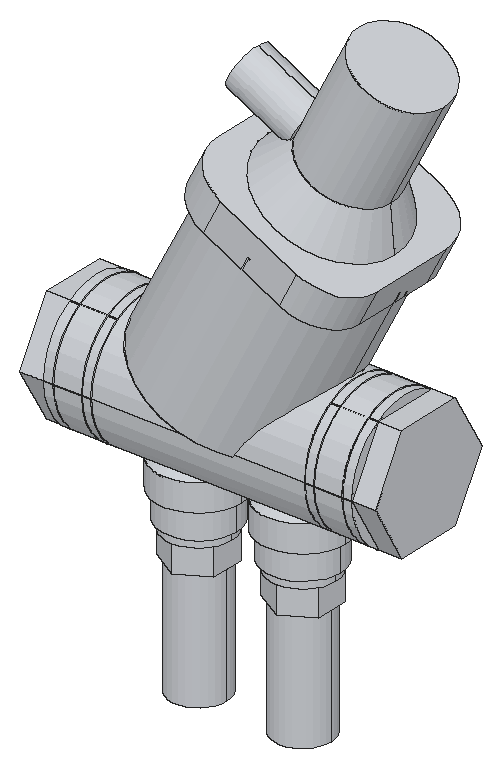
Revit family "PV_Compact_DN015_  5-30_FF_měř_RFA_2018", category Pipe Accessories, Revit 2018
Family settings
  Round Connector Dimension = Use Diameter
  Part Type = Valve - Breaks Into
  Work Plane-Based = No
  Always vertical = Yes
  Cut with Voids When Loaded = No
  Shared = No
Parameters (values of type "PV Compact DN15 FF s měřením (  5-30kPa)")
  magiProductId = "f361d342a5c3496a8b127ae77303d4"
  magiProductFamilyId = "17221e4467384e4990f0bd3f9c07cb"
  magiPartTypeId = 304
  isMeasuringValve [instance] = no
  ang2D [instance] = 0.00°
  Z7 = 15 mm
  Z6 = 24.6 mm
  Z5 = 57.4 mm
  Z4 = 49.2 mm
  Z3 = 8.2 mm
  Z2 = 41 mm
  XR3 = 30 mm
  XR2 = 25 mm
  XR1 = 13 mm
  W2D = 15 mm
  VersionID = "2.0/2018.12.13.2/FRESE_PV_COMPACT_PLUG_Q13_001"
  Use Minimum Symbol Size [instance] = no
  URL = "www.hydronic.cz"
  Type Comments = "závitový s vnitřním závitem; dvěma měřicími vsuvkami; PN25; dpmax=450kPa; -10~+120°C;"
  R5 = 5 mm
  R4 = 15 mm
  R3 = 10 mm
  R2 = 14 mm
  R1 = 19 mm
  QmdConnectorList = "301;D;302;D"
  Productdata [instance] = ""
  PH__ve = -PH  # -22.4 mm
  PH = 22.4 mm
  NL__ve = -NL  # -15 mm
  NL = 15 mm
  Manufacturer = "Hydronic Systems Prague s.r.o."
  MC Use Limits From Balancing Method = no
  MC Throttling Minimum Value = 0
  MC Throttling Maximum Value = 0
  MC Product Code = "53-3204 DN15; FF; nastavitelný rozsah dp=5~30kPa; Q=50~600l/h;  kvs=2,9"
  MC Pressure Drop Minimum Value = 0.0 Pa
  MC Pressure Drop Maximum Value = 0.0 Pa
  MC Piping Given Pressure Drop [instance] = 0.0 Pa
  M5 = 32.5 mm
  M4 = 30.5 mm
  M3 = 24.5 mm
  M2 = 22.5 mm
  LP = 37.5 mm
  LM = 45 mm
  LL__ve = -LL  # -5.7 mm
  LLT__ve = -LLT  # -14.9 mm
  LLT = 14.9 mm
  LL2 = 32 mm
  LL = 5.7 mm
  L3 = 11 mm
  L2D_Min = 30.48 mm
  L2D = 65 mm
  Description = "Nastavitelný regulátor tlakové diference"
  DR1 = no
  DR0 = yes
  DL2 = 66 mm
  D = 15 mm
  CenSd_R2_6 = R2 * cos(30.00°)  # 12.124 mm
  CAT0 = yes
  C0D1 = no
  C0D0 = yes
Types (10, lengths in mm): name | magiProductId | Z6 | Z5 | Z4 | Z3 | Z2 | XR3 | XR2 | XR1 | R2 | R1 | PH__ve | PH | NL__ve | NL | MC Product Code | M5 | M4 | M3 | M2 | LP | LM | LL__ve | LLT__ve | LLT | LL2 | LL | L3 | D | CenSd_R2_6
  PV Compact DN15 FF s měřením ( 20-60kPa) | "92c6061b2d364c498536f200ceae3f" | 24.6 | 57.4 | 49.2 | 8.2 | 41 | 30 | 25 | 13 | 14 | 19 | -22.4 | 22.4 | -15 | 15 | "53-3205 DN15; FF; nastavitelný rozsah dp=20~60kPa; Q=100~1000l/h;  kvs=2,9" | 32.5 | 30.5 | 24.5 | 22.5 | 37.5 | 45 | -5.7 | -14.9 | 14.9 | 32 | 5.7 | 11 | 15 | 12.124
  PV Compact DN15 FF s měřením (  5-30kPa) | "f361d342a5c3496a8b127ae77303d4" | 24.6 | 57.4 | 49.2 | 8.2 | 41 | 30 | 25 | 13 | 14 | 19 | -22.4 | 22.4 | -15 | 15 | "53-3204 DN15; FF; nastavitelný rozsah dp=5~30kPa; Q=50~600l/h;  kvs=2,9" | 32.5 | 30.5 | 24.5 | 22.5 | 37.5 | 45 | -5.7 | -14.9 | 14.9 | 32 | 5.7 | 11 | 15 | 12.124
  PV Compact DN20 FF s měřením ( 20-60kPa) | "9f7cac6a20a942348ba3edadb25c10" | 24.6 | 57.4 | 49.2 | 8.2 | 41 | 30 | 25 | 13 | 14 | 19 | -22.4 | 22.4 | -15.8 | 15.8 | "53-3207 DN20; FF; nastavitelný rozsah dp=20~60kPa; Q=150~2000l/h;  kvs=3,5" | 33.7 | 31.7 | 25.7 | 23.7 | 39.5 | 47.4 | -5.7 | -14.9 | 14.9 | 32 | 5.7 | 11 | 20 | 12.124
  PV Compact DN20 FF s měřením (  5-30kPa) | "db23a1b537c14a0d8d3ef5b88ba9f3" | 24.6 | 57.4 | 49.2 | 8.2 | 41 | 30 | 25 | 13 | 14 | 19 | -22.4 | 22.4 | -15.8 | 15.8 | "53-3206 DN20; FF; nastavitelný rozsah dp=5~30kPa; Q=100~1000l/h;  kvs=3,5" | 33.7 | 31.7 | 25.7 | 23.7 | 39.5 | 47.4 | -5.7 | -14.9 | 14.9 | 32 | 5.7 | 11 | 20 | 12.124
  PV Compact DN25 FF s měřením (  5-30kPa) | "df9f1d59aa4a4bbbaec25e168ba07d" | 25.5 | 59.5 | 51 | 8.5 | 42.5 | 30 | 25 | 13 | 14 | 19 | -20.8 | 20.8 | -16.6 | 16.6 | "53-3208 DN25; FF; nastavitelný rozsah dp=5~30kPa; Q=600~2100l/h;  kvs=4,0" | 34.9 | 32.9 | 26.9 | 24.9 | 41.5 | 49.8 | -5.9 | -16.3 | 16.3 | 34 | 5.9 | 11 | 25 | 12.124
  PV Compact DN25L FF s měřením ( 20-80kPa) | "87b7cca8bace4074a54840dfb5d8dc" | 40.2 | 93.8 | 80.4 | 13.4 | 67 | 42.5 | 37.5 | 25.5 | 26.5 | 31.5 | -17.6 | 17.6 | -20 | 20 | "53-3211 DN25L; FF; nastavitelný rozsah dp=20~80kPa; Q=750~4200l/h;  kvs=8,7" | 40 | 38 | 32 | 30 | 50 | 60 | -6.3 | -19.1 | 19.1 | 38 | 6.3 | 11 | 25 | 22.95
  PV Compact DN25L FF s měřením (  5-30kPa) | "5f34f6c18cbb44599cc4b76a533b7b" | 40.2 | 93.8 | 80.4 | 13.4 | 67 | 42.5 | 37.5 | 25.5 | 26.5 | 31.5 | -17.6 | 17.6 | -20 | 20 | "53-3210 DN25L; FF; nastavitelný rozsah dp=5~30kPa; Q=600~2500l/h;  kvs=8,7" | 40 | 38 | 32 | 30 | 50 | 60 | -6.3 | -19.1 | 19.1 | 38 | 6.3 | 11 | 25 | 22.95
  PV Compact DN32 FF s měřením ( 20-80kPa) | "4a8a1c2c3ced401aa76adec660b182" | 40.2 | 93.8 | 80.4 | 13.4 | 67 | 42.5 | 37.5 | 25.5 | 26.5 | 31.5 | -13.6 | 13.6 | -20.8 | 20.8 | "53-3214 DN32; FF; nastavitelný rozsah dp=20~80kPa; Q=1000~5000l/h;  kvs=10,1" | 41.2 | 39.2 | 33.2 | 31.2 | 52 | 62.4 | -6.8 | -22.6 | 22.6 | 43 | 6.8 | 25 | 32 | 22.95
  PV Compact DN40 FF s měřením ( 20-80kPa) | "8dd334465d8f48dd802c3dab6bec5b" | 46.8 | 109.2 | 93.6 | 15.6 | 78 | 42.5 | 37.5 | 25.5 | 26.5 | 31.5 | -11.2 | 11.2 | -27.6 | 27.6 | "53-3216 DN40; FF; nastavitelný rozsah dp=20~80kPa; Q=3000~8000l/h;  kvs=15,8" | 51.4 | 49.4 | 43.4 | 41.4 | 69 | 82.8 | -7.1 | -24.7 | 24.7 | 46 | 7.1 | 25 | 40 | 22.95
  PV Compact DN50 FF s měřením ( 20-80kPa) | "de24153ded7e41748f92358b184bd6" | 46.8 | 109.2 | 93.6 | 15.6 | 78 | 42.5 | 37.5 | 25.5 | 35.25 | 31.5 | -6.4 | 6.4 | -27.6 | 27.6 | "53-3218 DN50; FF; nastavitelný rozsah dp=20~80kPa; Q=5000~11500l/h;  kvs=16,2" | 51.4 | 49.4 | 43.4 | 41.4 | 69 | 82.8 | -7.7 | -28.9 | 28.9 | 52 | 7.7 | 25 | 50 | 30.527
Reference planes
  plane 1 "Center (Front/Back)": y = 0
  plane 2 "XYPLANE": z = 0
  plane 3 "Center (Left/Right)": x = 0
  plane 4 "408": x = 37.5
  plane 5 "407": x = -37.5
  plane 6 "402": z = -66
  plane 7 "213": x = 11
  plane 8 "168": z = -10.9
  plane 9 "167": z = -12.9
  plane 10 "166": z = -18.6
  plane 11 "165": z = -24.3
  plane 12 "164": z = -26.3
  plane 13 "154": z = 0
  plane 14 "152": y = 0
  plane 15 "151": z = -32
  plane 16 "150": x = -11
  plane 17 "75": through (318.218, 0, 679.605) normal (0.891, 0, -0.454)
  plane 18 "74": x = 32.5
  plane 19 "73": x = 30.5
  plane 20 "72": x = 24.5
  plane 21 "71": x = 22.5
  plane 22 "70": x = -32.5
  plane 23 "69": x = -30.5
  plane 24 "68": x = -24.5
  plane 25 "67": y = 0
  plane 26 "66": through (-666.893, 0, 343.166) normal (0.454, 0, 0.891)
  plane 27 "65": x = -22.5
  plane 28 "64": through (335.147, 0, 670.979) normal (0.891, 0, -0.454)
  plane 29 "63": through (-649.641, 0, 377.024) normal (0.454, 0, 0.891)
  plane 30 "62": through (352.076, 0, 662.353) normal (0.891, 0, -0.454)
  plane 31 "61": y = 19
  plane 32 "60": y = -19
  plane 33 "59": through (-645.919, 0, 384.33) normal (0.454, 0, 0.891)
  plane 34 "58": through (-642.196, 0, 391.637) normal (0.454, 0, 0.891)
  plane 35 "57": through (313.763, 0, 681.875) normal (0.891, 0, -0.454)
  plane 36 "56": x = 0
  plane 37 "55": through (-668.255, 0, 340.493) normal (0.454, 0, 0.891)
  plane 38 "102XY": through (-668.255, 0, 340.493) normal (0.454, 0, 0.891)
  plane 39 "102XZ": y = 0
  plane 40 "102YZ": through (340.493, 0, 668.255) normal (0.891, 0, -0.454)
Forms (mm)
  Extrusion 1, solid
    sketch origin (37.5, -750, 0) x (0, 1, 0) y (0, 0, 1)
      loop
        line (764, 0) -> (757, 12.124) -> (743, 12.124) -> (736, 0) -> (743, -12.124) -> (757, -12.124) -> (764, 0)
    from 0 to -15 <- "NL__ve"
  Extrusion 2, solid
    sketch origin (-37.5, -750, 0) x (0, 1, 0) y (0, 0, 1)
      loop
        line (736, 0) -> (743, -12.124) -> (757, -12.124) -> (764, 0) -> (757, 12.124) -> (743, 12.124) -> (736, 0)
    from 0 to 15 <- "NL"
  Extrusion 3, solid, visible <- "C0D1"
    sketch origin (-750, 0, -66) x (1, 0, 0) y (0, 1, 0)
      loop
        circle (761, 0) r 10
    from 0 to 50
  Extrusion 4, solid, visible <- "DR1"
    sketch origin (-750, 0, -18.6) x (1, 0, 0) y (0, 1, 0)
      loop
        line (761, -12) -> (771.392, -6) -> (771.392, 6) -> (761, 12) -> (750.608, 6) -> (750.608, -6) -> (761, -12)
    from 0 to -22.4 <- "PH__ve"
  Extrusion 5, solid, visible <- "DR1"
    sketch origin (-750, 0, -18.6) x (1, 0, 0) y (0, 1, 0)
      loop
        circle (761, 0) r 10
    from 0 to 5.7 <- "LL"
  Blend 6, solid, visible <- "DR1"
    base sketch origin (-750, 0, -10.9) x (1, 0, 0) y (0, 1, 0)
      loop
        circle (761, 0) r 7.5
    top sketch origin (-750, 0, -10.9) x (1, 0, 0) y (0, 1, 0)
      loop
        circle (761, 0) r 10
    from 0 to -2
  Extrusion 7, solid, visible <- "DR1"
    sketch origin (-750, 0, 0) x (1, 0, 0) y (0, 1, 0)
      loop
        circle (761, 0) r 7.5
    from 0 to -14.9 <- "LLT__ve"
  Extrusion 8, solid, visible <- "C0D0"
    sketch origin (-750, 0, -32) x (1, 0, 0) y (0, 1, 0)
      loop
        circle (761, 0) r 6
    from 0 to -25
  Extrusion 9, solid, visible <- "DR0"
    sketch origin (-750, 0, -26.3) x (1, 0, 0) y (0, 1, 0)
      loop
        line (761, -7) -> (767.062, -3.5) -> (767.062, 3.5) -> (761, 7) -> (754.938, 3.5) -> (754.938, -3.5) -> (761, -7)
    from 0 to -5.7 <- "LL__ve"
  Extrusion 10, solid, visible <- "DR0"
    sketch origin (-750, 0, -26.3) x (1, 0, 0) y (0, 1, 0)
      loop
        circle (761, 0) r 7
    from 0 to 2
  Extrusion 11, solid, visible <- "DR0"
    sketch origin (-750, 0, -18.6) x (1, 0, 0) y (0, 1, 0)
      loop
        circle (761, 0) r 9
    from 0 to 5.7 <- "LL"
  Blend 12, solid, visible <- "DR0"
    base sketch origin (-750, 0, -10.9) x (1, 0, 0) y (0, 1, 0)
      loop
        circle (761, 0) r 6.5
    top sketch origin (-750, 0, -10.9) x (1, 0, 0) y (0, 1, 0)
      loop
        circle (761, 0) r 9
    from 0 to -2
  Extrusion 13, solid, visible <- "DR0"
    sketch origin (-750, 0, 0) x (1, 0, 0) y (0, 1, 0)
      loop
        circle (761, 0) r 6.5
    from 0 to -14.9 <- "LLT__ve"
  Extrusion 14, solid, visible <- "DR0"
    sketch origin (-750, 0, 0) x (1, 0, 0) y (0, 1, 0)
      loop
        circle (761, 0) r 6.5
    from 0 to -14.9 <- "LLT__ve"
  Blend 15, solid, visible <- "DR0"
    base sketch origin (-750, 0, -10.9) x (1, 0, 0) y (0, 1, 0)
      loop
        circle (761, 0) r 6.5
    top sketch origin (-750, 0, -10.9) x (1, 0, 0) y (0, 1, 0)
      loop
        circle (761, 0) r 9
    from 0 to -2
  Extrusion 16, solid, visible <- "DR0"
    sketch origin (-750, 0, -18.6) x (1, 0, 0) y (0, 1, 0)
      loop
        circle (761, 0) r 9
    from 0 to 5.7 <- "LL"
  Extrusion 17, solid, visible <- "DR0"
    sketch origin (-750, 0, -24.3) x (1, 0, 0) y (0, 1, 0)
      loop
        circle (761, 0) r 8
    from 0 to 5.7 <- "LL"
  Extrusion 18, solid, visible <- "DR0"
    sketch origin (-750, 0, -26.3) x (1, 0, 0) y (0, 1, 0)
      loop
        circle (761, 0) r 7
    from 0 to 2
  Extrusion 19, solid, visible <- "DR0"
    sketch origin (-750, 0, -26.3) x (1, 0, 0) y (0, 1, 0)
      loop
        line (761, -7) -> (767.062, -3.5) -> (767.062, 3.5) -> (761, 7) -> (754.938, 3.5) -> (754.938, -3.5) -> (761, -7)
    from 0 to -5.7 <- "LL__ve"
  Extrusion 20, solid, visible <- "C0D0"
    sketch origin (-750, 0, -32) x (1, 0, 0) y (0, 1, 0)
      loop
        circle (761, 0) r 6
    from 0 to -25
  Extrusion 21, solid, visible <- "CAT0"
    sketch origin (-750, 0, -32) x (1, 0, 0) y (0, 1, 0)
      loop
        circle (739, 0) r 6
    from 0 to -25
  Extrusion 22, solid
    sketch origin (-750, 0, -26.3) x (1, 0, 0) y (0, 1, 0)
      loop
        line (739, -7) -> (745.062, -3.5) -> (745.062, 3.5) -> (739, 7) -> (732.938, 3.5) -> (732.938, -3.5) -> (739, -7)
    from 0 to -5.7 <- "LL__ve"
  Extrusion 23, solid
    sketch origin (-750, 0, -26.3) x (1, 0, 0) y (0, 1, 0)
      loop
        circle (739, 0) r 7
    from 0 to 2
  Extrusion 24, solid
    sketch origin (-750, 0, -24.3) x (1, 0, 0) y (0, 1, 0)
      loop
        circle (739, 0) r 8
    from 0 to 5.7 <- "LL"
  Extrusion 25, solid
    sketch origin (-750, 0, -18.6) x (1, 0, 0) y (0, 1, 0)
      loop
        circle (739, 0) r 9
    from 0 to 5.7 <- "LL"
  Blend 26, solid
    base sketch origin (-750, 0, -10.9) x (1, 0, 0) y (0, 1, 0)
      loop
        circle (739, 0) r 6.5
    top sketch origin (-750, 0, -10.9) x (1, 0, 0) y (0, 1, 0)
      loop
        circle (739, 0) r 9
    from 0 to -2
  Extrusion 27, solid
    sketch origin (-750, 0, 0) x (1, 0, 0) y (0, 1, 0)
      loop
        circle (739, 0) r 6.5
    from 0 to -14.9 <- "LLT__ve"
  Blend 28, solid, visible <- "CAT0"
    base sketch origin (30.5, -750, 0) x (0, 1, 0) y (0, 0, 1)
      loop
        circle (750, 0) r 14
    top sketch origin (30.5, -750, 0) x (0, 1, 0) y (0, 0, 1)
      loop
        circle (750, 0) r 14
    from 0 to 2
  Extrusion 29, solid, visible <- "CAT0"
    sketch origin (24.5, -750, 0) x (0, 1, 0) y (0, 0, 1)
      loop
        circle (750, 0) r 14
    from 0 to 6
  Blend 30, solid, visible <- "CAT0"
    base sketch origin (22.5, -750, 0) x (0, 1, 0) y (0, 0, 1)
      loop
        circle (750, 0) r 14
    top sketch origin (22.5, -750, 0) x (0, 1, 0) y (0, 0, 1)
      loop
        circle (750, 0) r 14
    from 0 to 2
  Blend 31, solid, visible <- "CAT0"
    base sketch origin (-30.5, -750, 0) x (0, 1, 0) y (0, 0, 1)
      loop
        circle (750, 0) r 14
    top sketch origin (-30.5, -750, 0) x (0, 1, 0) y (0, 0, 1)
      loop
        circle (750, 0) r 14
    from 0 to -2
  Extrusion 32, solid, visible <- "CAT0"
    sketch origin (-30.5, -750, 0) x (0, 1, 0) y (0, 0, 1)
      loop
        circle (750, 0) r 14
    from 0 to 6
  Blend 33, solid, visible <- "CAT0"
    base sketch origin (-24.5, -750, 0) x (0, 1, 0) y (0, 0, 1)
      loop
        circle (750, 0) r 14
    top sketch origin (-24.5, -750, 0) x (0, 1, 0) y (0, 0, 1)
      loop
        circle (750, 0) r 14
    from 0 to 2
  Extrusion 34, solid, visible <- "CAT0"
    sketch origin (-22.5, -750, 0) x (0, 1, 0) y (0, 0, 1)
      loop
        circle (750, 0) r 14
    from 0 to 45 <- "LM"
  Extrusion 35, solid, visible <- "CAT0"
    sketch origin (-666.893, 0, 343.166) x (0.891007, 0, -0.45399) y (0, 1, 0)
      loop
        circle (744, 0) r 19
    from 0 to 41 <- "Z2"
  Extrusion 36, solid, visible <- "CAT0"
    sketch origin (-649.641, 0, 377.024) x (0.891007, 0, -0.45399) y (0, 1, 0)
      loop
        arc (735, 19) -> (727.929, 16.071) -> (725, 9) r 10
        line (725, 9) -> (725, -9)
        arc (725, -9) -> (727.929, -16.071) -> (735, -19) r 10
        line (735, -19) -> (753, -19)
        arc (753, -19) -> (760.071, -16.071) -> (763, -9) r 10
        line (763, -9) -> (763, 9)
        arc (763, 9) -> (760.071, 16.071) -> (753, 19) r 10
        line (753, 19) -> (735, 19)
    from 0 to 8.2 <- "Z3"
  Blend 37, solid, visible <- "CAT0"
    base sketch origin (-645.919, 0, 384.33) x (0.891007, 0, -0.45399) y (0, 1, 0)
      loop
        circle (744, 0) r 15
    top sketch origin (-645.919, 0, 384.33) x (0.891007, 0, -0.45399) y (0, 1, 0)
      loop
        circle (744, 0) r 10
    from 0 to 8.2
  Extrusion 38, solid, visible <- "CAT0"
    sketch origin (-642.196, 0, 391.637) x (0.891007, 0, -0.45399) y (0, 1, 0)
      loop
        circle (744, 0) r 10
    from 0 to 24.6 <- "Z6"
  Extrusion 39, solid, visible <- "CAT0"
    sketch origin (313.763, 0, 681.875) x (-0.45399, 0, -0.891007) y (0, 1, 0)
      loop
        circle (692.6, 0) r 5
    from 0 to 15 <- "Z7"
  Blend 40, solid, visible <- "CAT0"
    base sketch origin (-668.255, 0, 340.493) x (0.891007, 0, -0.45399) y (0, 1, 0)
      loop
        circle (744, 0) r 15
    top sketch origin (-668.255, 0, 340.493) x (0.891007, 0, -0.45399) y (0, 1, 0)
      loop
        circle (744, 0) r 19
    from 0 to 3
  Extrusion 41, solid, not visible
    sketch origin (-32.5, -750, 0) x (0, 1, 0) y (0, 0, 1)
      loop
        circle (750, 0) r 10
    from 0 to 10
  Extrusion 42, solid, not visible
    sketch origin (32.5, -750, 0) x (0, 1, 0) y (0, 0, 1)
      loop
        circle (750, 0) r 10
    from 0 to -10
Lines and regions (mm)
  reference lines, not visible
    curve 1: circle (2, 2, 0) r 1 normal (0, 0, 1)
  reference lines
    curve 2: line (37.5, 0, 0) -> (37.5, -3.5, 6.062)
    curve 3: line (37.5, 0, 0) -> (37.5, -7, 0)
    curve 4: line (37.5, 0, 0) -> (37.5, -3.5, -6.062)
    curve 5: line (-37.5, 0, 0) -> (-37.5, 3.5, 6.062)
    curve 6: line (-37.5, 0, 0) -> (-37.5, 7, 0)
    curve 7: line (-37.5, 0, 0) -> (-37.5, 3.5, -6.062)
Dimensions and locks
  plane 1 "Center (Front/Back)" to curve 1 = 2 mm
  "LP": plane 36 "56" to plane 4 "408"
  "LP": plane 36 "56" to plane 5 "407"
  "DL2": plane 2 "XYPLANE" to plane 6 "402"
  "L3": plane 3 "Center (Left/Right)" to plane 7 "213"
  locked: plane 9 "167" to plane 8 "168" at 2
  "LL": plane 10 "166" to plane 9 "167"
  "LL": plane 11 "165" to plane 10 "166"
  locked: plane 12 "164" to plane 11 "165" at 2
  "LL": plane 15 "151" to plane 12 "164"
  locked: plane 2 "XYPLANE" to plane 13 "154"
  locked: plane 1 "Center (Front/Back)" to plane 14 "152"
  "LL2": plane 2 "XYPLANE" to plane 15 "151"
  "L3": plane 3 "Center (Left/Right)" to plane 16 "150"
  "XR2": plane 40 "102YZ" to plane 17 "75"
  "M5": plane 3 "Center (Left/Right)" to plane 18 "74"
  "M4": plane 3 "Center (Left/Right)" to plane 19 "73"
  "M3": plane 3 "Center (Left/Right)" to plane 20 "72"
  "M2": plane 3 "Center (Left/Right)" to plane 21 "71"
  "M5": plane 3 "Center (Left/Right)" to plane 22 "70"
  "M4": plane 3 "Center (Left/Right)" to plane 23 "69"
  "M3": plane 3 "Center (Left/Right)" to plane 24 "68"
  locked: plane 14 "152" to plane 25 "67"
  locked: plane 38 "102XY" to plane 26 "66" at 3
  "M2": plane 3 "Center (Left/Right)" to plane 27 "65"
  locked: plane 40 "102YZ" to plane 28 "64" at 6
  "Z2": plane 38 "102XY" to plane 29 "63"
  "XR1": plane 40 "102YZ" to plane 30 "62"
  "R1": plane 14 "152" to plane 31 "61"
  "R1": plane 14 "152" to plane 32 "60"
  "Z4": plane 38 "102XY" to plane 33 "59"
  "Z5": plane 38 "102XY" to plane 34 "58"
  "XR3": plane 40 "102YZ" to plane 35 "57"
  locked: plane 3 "Center (Left/Right)" to plane 36 "56"
  locked: plane 38 "102XY" to plane 37 "55"
  "CenSd_R2_6": curve 2 to Extrusion 1 sketch curve  (x2)
  "CenSd_R2_6": curve 3 to Extrusion 1 sketch curve  (x2)
  "CenSd_R2_6": curve 4 to Extrusion 1 sketch curve  (x2)
  Extrusion 1 sketch curve to Extrusion 1 sketch curve = 0 mm  (x12)
  "CenSd_R2_6": curve 5 to Extrusion 2 sketch curve  (x2)
  "CenSd_R2_6": curve 6 to Extrusion 2 sketch curve  (x2)
  "CenSd_R2_6": curve 7 to Extrusion 2 sketch curve  (x2)
  Extrusion 2 sketch curve to Extrusion 2 sketch curve = 0 mm  (x12)
  Extrusion 4 sketch curve to Extrusion 4 sketch curve = 0 mm  (x12)
  Extrusion 9 sketch curve to Extrusion 9 sketch curve = 0 mm  (x12)
  Extrusion 19 sketch curve to Extrusion 19 sketch curve = 0 mm  (x12)
  Extrusion 22 sketch curve to Extrusion 22 sketch curve = 0 mm  (x12)
  Extrusion 36 sketch curve to Extrusion 36 sketch curve = 0 mm  (x16)
  "R2": radius of Blend 28 sketch curve  (x2)
  "R2": radius of Extrusion 29 sketch curve
  "R2": radius of Blend 30 sketch curve  (x2)
  "R2": radius of Blend 31 sketch curve  (x2)
  "R2": radius of Extrusion 32 sketch curve
  "R2": radius of Blend 33 sketch curve  (x2)
  "R2": radius of Extrusion 34 sketch curve
  "R1": radius of Extrusion 35 sketch curve
  radius of Extrusion 36 sketch curve = 10 mm  (x4)
  "R3": radius of Blend 37 sketch curve
  "R4": radius of Blend 37 sketch curve
  "R3": radius of Extrusion 38 sketch curve
  "R5": radius of Extrusion 39 sketch curve
  "R1": radius of Blend 40 sketch curve
  locked: curve 3 to curve 2 (angle 60.00°)
  locked: curve 4 to curve 3 (angle 60.00°)
  locked: curve 4 to curve 2 (angle 120.00°)
  locked: curve 6 to curve 5 (angle 60.00°)
  locked: curve 7 to curve 6 (angle 60.00°)
  locked: curve 7 to curve 5 (angle 120.00°)
  aligned and locked: level to plane 2 "XYPLANE"
  aligned and locked: plane 13 "154" to curve 4
  aligned and locked: curve 4 to plane 14 "152"
  aligned and locked: plane 13 "154" to curve 7
  aligned and locked: curve 7 to plane 14 "152"
  aligned and locked: plane 7 "213" to Extrusion 3 sketch curve
  aligned and locked: plane 14 "152" to Extrusion 3 sketch curve
  aligned and locked: plane 7 "213" to Extrusion 5 sketch curve
  aligned and locked: plane 14 "152" to Extrusion 5 sketch curve
  aligned and locked: plane 7 "213" to Blend 6 sketch curve  (x2)
  aligned and locked: plane 14 "152" to Blend 6 sketch curve  (x2)
  aligned and locked: Blend 6 to plane 9 "167"
  aligned and locked: plane 7 "213" to Extrusion 7 sketch curve
  aligned and locked: plane 14 "152" to Extrusion 7 sketch curve
  aligned and locked: plane 7 "213" to Extrusion 8 sketch curve
  aligned and locked: plane 14 "152" to Extrusion 8 sketch curve
  aligned and locked: plane 7 "213" to Extrusion 10 sketch curve
  aligned and locked: plane 14 "152" to Extrusion 10 sketch curve
  aligned and locked: plane 7 "213" to Extrusion 11 sketch curve
  aligned and locked: plane 14 "152" to Extrusion 11 sketch curve
  aligned and locked: plane 7 "213" to Blend 12 sketch curve  (x2)
  aligned and locked: plane 14 "152" to Blend 12 sketch curve  (x2)
  aligned and locked: Blend 12 to plane 9 "167"
  aligned and locked: plane 7 "213" to Extrusion 13 sketch curve
  aligned and locked: plane 14 "152" to Extrusion 13 sketch curve
  aligned and locked: plane 7 "213" to Extrusion 14 sketch curve
  aligned and locked: plane 14 "152" to Extrusion 14 sketch curve
  aligned and locked: plane 7 "213" to Blend 15 sketch curve  (x2)
  aligned and locked: plane 14 "152" to Blend 15 sketch curve  (x2)
  aligned and locked: Blend 15 to plane 9 "167"
  aligned and locked: plane 7 "213" to Extrusion 16 sketch curve
  aligned and locked: plane 14 "152" to Extrusion 16 sketch curve
  aligned and locked: plane 7 "213" to Extrusion 17 sketch curve
  aligned and locked: plane 14 "152" to Extrusion 17 sketch curve
  aligned and locked: plane 7 "213" to Extrusion 18 sketch curve
  aligned and locked: plane 14 "152" to Extrusion 18 sketch curve
  aligned and locked: plane 7 "213" to Extrusion 20 sketch curve
  aligned and locked: plane 14 "152" to Extrusion 20 sketch curve
  aligned and locked: plane 14 "152" to Extrusion 21 sketch curve
  aligned and locked: plane 16 "150" to Extrusion 21 sketch curve
  aligned and locked: plane 14 "152" to Extrusion 23 sketch curve
  aligned and locked: plane 16 "150" to Extrusion 23 sketch curve
  aligned and locked: plane 14 "152" to Extrusion 24 sketch curve
  aligned and locked: plane 16 "150" to Extrusion 24 sketch curve
  aligned and locked: plane 14 "152" to Extrusion 25 sketch curve
  aligned and locked: plane 16 "150" to Extrusion 25 sketch curve
  aligned and locked: plane 14 "152" to Blend 26 sketch curve  (x2)
  aligned and locked: plane 16 "150" to Blend 26 sketch curve  (x2)
  aligned and locked: Blend 26 to plane 9 "167"
  aligned and locked: plane 14 "152" to Extrusion 27 sketch curve
  aligned and locked: plane 16 "150" to Extrusion 27 sketch curve
  aligned and locked: plane 13 "154" to Blend 28 sketch curve  (x2)
  aligned and locked: Blend 28 sketch curve to plane 14 "152"  (x2)
  aligned and locked: plane 18 "74" to Blend 28
  aligned and locked: plane 13 "154" to Extrusion 29 sketch curve
  aligned and locked: Extrusion 29 sketch curve to plane 14 "152"
  aligned and locked: plane 13 "154" to Blend 30 sketch curve  (x2)
  aligned and locked: Blend 30 sketch curve to plane 14 "152"  (x2)
  aligned and locked: plane 20 "72" to Blend 30
  aligned and locked: plane 13 "154" to Blend 31 sketch curve  (x2)
  aligned and locked: Blend 31 sketch curve to plane 14 "152"  (x2)
  aligned and locked: Blend 31 to plane 22 "70"
  aligned and locked: plane 13 "154" to Extrusion 32 sketch curve
  aligned and locked: Extrusion 32 sketch curve to plane 14 "152"
  aligned and locked: plane 13 "154" to Blend 33 sketch curve  (x2)
  aligned and locked: Blend 33 sketch curve to plane 14 "152"  (x2)
  aligned and locked: plane 27 "65" to Blend 33
  aligned and locked: plane 13 "154" to Extrusion 34 sketch curve
  aligned and locked: Extrusion 34 sketch curve to plane 14 "152"
  aligned and locked: plane 25 "67" to Extrusion 35 sketch curve
  aligned and locked: Extrusion 35 sketch curve to plane 28 "64"
  aligned and locked: Extrusion 36 sketch curve to plane 17 "75"
  aligned and locked: Extrusion 36 sketch curve to plane 32 "60"
  aligned and locked: Extrusion 36 sketch curve to plane 30 "62"
  aligned and locked: plane 31 "61" to Extrusion 36 sketch curve
  aligned and locked: plane 25 "67" to Blend 37 sketch curve  (x2)
  aligned and locked: Blend 37 sketch curve to plane 28 "64"  (x2)
  aligned and locked: plane 34 "58" to Blend 37
  aligned and locked: plane 25 "67" to Extrusion 38 sketch curve
  aligned and locked: Extrusion 38 sketch curve to plane 28 "64"
  aligned and locked: plane 25 "67" to Extrusion 39 sketch curve
  aligned and locked: plane 34 "58" to Extrusion 39 sketch curve
  aligned and locked: plane 25 "67" to Blend 40 sketch curve  (x2)
  aligned and locked: Blend 40 sketch curve to plane 28 "64"  (x2)
  aligned and locked: plane 26 "66" to Blend 40
  aligned and locked: plane 13 "154" to Extrusion 41 sketch curve
  aligned and locked: Extrusion 41 sketch curve to plane 14 "152"
  aligned and locked: plane 13 "154" to Extrusion 42 sketch curve
  aligned and locked: Extrusion 42 sketch curve to plane 14 "152"
Automatic sketch dimensions
  plane 3 "Center (Left/Right)" to Extrusion 3 sketch curve = 1 mm
  Extrusion 4 sketch curve to plane 7 "213" = 0 mm  (x2)
  plane 3 "Center (Left/Right)" to Extrusion 4 sketch curve = 0.608 mm
  Extrusion 4 sketch curve to plane 21 "71" = 1.108 mm
  plane 32 "60" to Extrusion 4 sketch curve = 7 mm
  plane 1 "Center (Front/Back)" to Extrusion 4 sketch curve = 6 mm  (x2)
  Extrusion 4 sketch curve to plane 1 "Center (Front/Back)" = 6 mm  (x2)
  Extrusion 4 sketch curve to plane 31 "61" = 7 mm
  plane 3 "Center (Left/Right)" to Extrusion 5 sketch curve = 1 mm
  plane 3 "Center (Left/Right)" to Blend 6 sketch curve = 3.5 mm
  plane 3 "Center (Left/Right)" to Blend 6 sketch curve = 1 mm
  plane 3 "Center (Left/Right)" to Extrusion 7 sketch curve = 3.5 mm
  plane 3 "Center (Left/Right)" to Extrusion 8 sketch curve = 5 mm
  Extrusion 9 sketch curve to plane 7 "213" = 0 mm  (x2)
  plane 3 "Center (Left/Right)" to Extrusion 9 sketch curve = 4.938 mm
  Extrusion 9 sketch curve to plane 21 "71" = 5.438 mm
  plane 1 "Center (Front/Back)" to Extrusion 9 sketch curve = 7 mm
  plane 1 "Center (Front/Back)" to Extrusion 9 sketch curve = 3.5 mm  (x2)
  Extrusion 9 sketch curve to plane 1 "Center (Front/Back)" = 3.5 mm  (x2)
  Extrusion 9 sketch curve to Extrusion 9 sketch curve = 3.5 mm
  plane 3 "Center (Left/Right)" to Extrusion 10 sketch curve = 4 mm
  plane 3 "Center (Left/Right)" to Extrusion 11 sketch curve = 2 mm
  plane 3 "Center (Left/Right)" to Blend 12 sketch curve = 4.5 mm
  plane 3 "Center (Left/Right)" to Blend 12 sketch curve = 2 mm
  plane 3 "Center (Left/Right)" to Extrusion 13 sketch curve = 4.5 mm
  plane 3 "Center (Left/Right)" to Extrusion 14 sketch curve = 4.5 mm
  plane 3 "Center (Left/Right)" to Blend 15 sketch curve = 4.5 mm
  plane 3 "Center (Left/Right)" to Blend 15 sketch curve = 2 mm
  plane 3 "Center (Left/Right)" to Extrusion 16 sketch curve = 2 mm
  plane 3 "Center (Left/Right)" to Extrusion 17 sketch curve = 3 mm
  plane 3 "Center (Left/Right)" to Extrusion 18 sketch curve = 4 mm
  Extrusion 19 sketch curve to plane 7 "213" = 0 mm  (x2)
  plane 3 "Center (Left/Right)" to Extrusion 19 sketch curve = 4.938 mm
  Extrusion 19 sketch curve to plane 21 "71" = 5.438 mm
  plane 1 "Center (Front/Back)" to Extrusion 19 sketch curve = 7 mm
  plane 1 "Center (Front/Back)" to Extrusion 19 sketch curve = 3.5 mm  (x2)
  Extrusion 19 sketch curve to plane 1 "Center (Front/Back)" = 3.5 mm  (x2)
  Extrusion 19 sketch curve to Extrusion 19 sketch curve = 3.5 mm
  plane 3 "Center (Left/Right)" to Extrusion 20 sketch curve = 5 mm
  plane 27 "65" to Extrusion 21 sketch curve = 5.5 mm
  Extrusion 22 sketch curve to plane 16 "150" = 0 mm  (x2)
  plane 27 "65" to Extrusion 22 sketch curve = 5.438 mm
  Extrusion 22 sketch curve to plane 3 "Center (Left/Right)" = 4.938 mm
  plane 1 "Center (Front/Back)" to Extrusion 22 sketch curve = 7 mm
  plane 1 "Center (Front/Back)" to Extrusion 22 sketch curve = 3.5 mm  (x2)
  Extrusion 22 sketch curve to plane 1 "Center (Front/Back)" = 3.5 mm  (x2)
  Extrusion 22 sketch curve to Extrusion 22 sketch curve = 3.5 mm
  plane 27 "65" to Extrusion 23 sketch curve = 4.5 mm
  plane 27 "65" to Extrusion 24 sketch curve = 3.5 mm
  plane 27 "65" to Extrusion 25 sketch curve = 2.5 mm
  plane 27 "65" to Blend 26 sketch curve = 5 mm
  plane 27 "65" to Blend 26 sketch curve = 2.5 mm
  plane 27 "65" to Extrusion 27 sketch curve = 5 mm
  plane 17 "75" to Blend 40 sketch curve = 4 mm
  plane 32 "60" to Extrusion 41 sketch curve = 9 mm
  plane 32 "60" to Extrusion 42 sketch curve = 9 mm
  plane 3 "Center (Left/Right)" to curve 1 = 2 mm
  radius of curve 1 = 1 mm
Connectors
  piping at (-32.5, 0, 0), diameter 15, driven by "D"
    settings: on Extrusion 41, index 1, connector inside diameter 609.6 mm, connector length 0 mm, flow factor 0, pipe flow 0.0 L/s, pressure drop 0.0 Pa, fitting loss kfactor 0, connector angle 0.00°, fixture units 0, engagement length 0 mm, angle of deflection 0.00°, flow configuration 0, flow direction 0, fitting loss method 0, system type 29, joint type 0, gender type 0, connector reference index 2, connector utility 0, adjustable connector no, is connector primary yes, connector description ""
  piping at (32.5, 0, 0), diameter 15, driven by "D"
    settings: on Extrusion 42, index 2, connector inside diameter 609.6 mm, connector length 0 mm, flow factor 0, pipe flow 0.0 L/s, pressure drop 0.0 Pa, fitting loss kfactor 0, connector angle 0.00°, fixture units 0, engagement length 0 mm, angle of deflection 0.00°, flow configuration 0, flow direction 0, fitting loss method 0, system type 29, joint type 0, gender type 0, connector reference index 1, connector utility 0, adjustable connector no, is connector primary no, connector description ""
